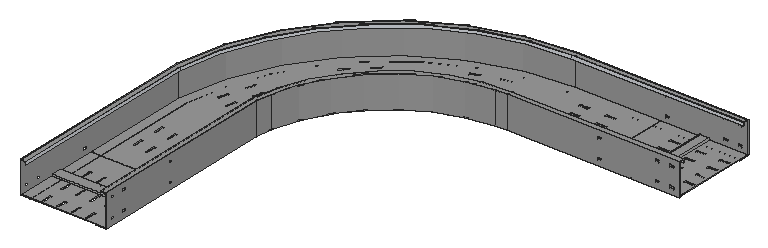
Revit family "Bogen 90- WRB 90130FS", category Generic Models, Revit 2017 (continued)
Automatic sketch dimensions
  plane 1 "Center (Front/Back)" to Extrusion 35 sketch curve = 12.926 mm
  Extrusion 35 sketch curve to Extrusion 35 sketch curve = 4.953 mm
  Extrusion 35 sketch curve to plane 3 "Center (Left/Right)" = 18.91 mm
  Extrusion 35 sketch curve to Extrusion 35 sketch curve = 4.968 mm
  plane 1 "Center (Front/Back)" to Extrusion 35 sketch curve = 48.305 mm
  plane 3 "Center (Left/Right)" to Extrusion 35 sketch curve = 8.17 mm
  Extrusion 35 sketch curve to Extrusion 35 sketch curve = 4.955 mm  (x2)
  plane 3 "Center (Left/Right)" to Extrusion 35 sketch curve = 16.581 mm
  Extrusion 35 sketch curve to Extrusion 35 sketch curve = 4.971 mm
  Extrusion 35 sketch curve to Extrusion 35 sketch curve = 24.129 mm
  Extrusion 35 sketch curve to Extrusion 35 sketch curve = 4.969 mm
  Extrusion 35 sketch curve to Extrusion 35 sketch curve = 21.14 mm
  plane 1 "Center (Front/Back)" to Extrusion 35 sketch curve = 83.687 mm
  Extrusion 35 sketch curve to Extrusion 35 sketch curve = 4.954 mm
  plane 1 "Center (Front/Back)" to Extrusion 35 sketch curve = 2.551 mm
  Extrusion 35 sketch curve to Extrusion 35 sketch curve = 30.438 mm
  plane 1 "Center (Front/Back)" to Extrusion 35 sketch curve = 7.506 mm
  Extrusion 35 sketch curve to Extrusion 35 sketch curve = 30.544 mm
  Extrusion 35 sketch curve to Extrusion 35 sketch curve = 4.974 mm
  Extrusion 35 sketch curve to plane 1 "Center (Front/Back)" = 18.464 mm
  plane 1 "Center (Front/Back)" to Extrusion 35 sketch curve = 37.95 mm
  plane 1 "Center (Front/Back)" to Extrusion 35 sketch curve = 42.906 mm
  plane 1 "Center (Front/Back)" to Extrusion 35 sketch curve = 73.356 mm
  plane 1 "Center (Front/Back)" to Extrusion 35 sketch curve = 78.313 mm
  Extrusion 35 sketch curve to Extrusion 35 sketch curve = 160.757 mm
  Extrusion 35 sketch curve to plane 4 = 125.244 mm
  Extrusion 35 sketch curve to Extrusion 35 sketch curve = 3.193 mm
  Extrusion 35 sketch curve to plane 1 "Center (Front/Back)" = 129.252 mm
  Extrusion 35 sketch curve to Extrusion 35 sketch curve = 19.619 mm
  Extrusion 35 sketch curve to plane 1 "Center (Front/Back)" = 122.981 mm
  Extrusion 35 sketch curve to plane 4 = 107.827 mm
  Extrusion 35 sketch curve to Extrusion 35 sketch curve = 27.04 mm
  Extrusion 35 sketch curve to plane 1 "Center (Front/Back)" = 178.874 mm
  Extrusion 35 sketch curve to Extrusion 35 sketch curve = 3.21 mm
  Extrusion 35 sketch curve to plane 1 "Center (Front/Back)" = 84.445 mm
  Extrusion 35 sketch curve to plane 1 "Center (Front/Back)" = 78.169 mm
  Extrusion 35 sketch curve to plane 1 "Center (Front/Back)" = 39.34 mm
  Extrusion 35 sketch curve to Extrusion 35 sketch curve = 19.785 mm
  Extrusion 35 sketch curve to plane 1 "Center (Front/Back)" = 33.057 mm
  Extrusion 35 sketch curve to Extrusion 35 sketch curve = 3.201 mm
  Extrusion 35 sketch curve to plane 4 = 90.918 mm
  Extrusion 35 sketch curve to Extrusion 35 sketch curve = 53.27 mm
  Extrusion 35 sketch curve to plane 4 = 97.312 mm
  Extrusion 35 sketch curve to Extrusion 35 sketch curve = 3.258 mm
  Extrusion 35 sketch curve to plane 4 = 136.661 mm
  Extrusion 35 sketch curve to plane 4 = 143.08 mm
  Extrusion 35 sketch curve to plane 4 = 83.469 mm
  Extrusion 35 sketch curve to plane 1 "Center (Front/Back)" = 203.065 mm
  Extrusion 35 sketch curve to plane 1 "Center (Front/Back)" = 110.397 mm
  Extrusion 35 sketch curve to plane 1 "Center (Front/Back)" = 103.947 mm
  Extrusion 35 sketch curve to plane 1 "Center (Front/Back)" = 64.056 mm
  Extrusion 35 sketch curve to plane 1 "Center (Front/Back)" = 57.694 mm
  Extrusion 35 sketch curve to plane 1 "Center (Front/Back)" = 69.567 mm
  Extrusion 35 sketch curve to plane 1 "Center (Front/Back)" = 62.957 mm
  Extrusion 35 sketch curve to Extrusion 35 sketch curve = 3.368 mm
  Extrusion 35 sketch curve to Extrusion 35 sketch curve = 14.109 mm
  Extrusion 35 sketch curve to Extrusion 35 sketch curve = 18.33 mm
  Extrusion 35 sketch curve to plane 4 = 68 mm
  Extrusion 35 sketch curve to Extrusion 35 sketch curve = 173.253 mm
  Extrusion 35 sketch curve to Extrusion 35 sketch curve = 1.109 mm  (x17)
  Extrusion 35 sketch curve to Extrusion 35 sketch curve = 7.365 mm
  Extrusion 35 sketch curve to Extrusion 35 sketch curve = 6.256 mm
  Extrusion 35 sketch curve to plane 1 "Center (Front/Back)" = 118 mm
  Extrusion 35 sketch curve to plane 1 "Center (Front/Back)" = 75 mm  (x2)
  Extrusion 35 sketch curve to Extrusion 35 sketch curve = 6.811 mm  (x4)
  Extrusion 35 sketch curve to Extrusion 35 sketch curve = 31.29 mm  (x6)
  Extrusion 35 sketch curve to Extrusion 35 sketch curve = 30.736 mm
  Extrusion 35 sketch curve to plane 4 = 125 mm
  Extrusion 35 sketch curve to Extrusion 35 sketch curve = 57.614 mm
  Extrusion 35 sketch curve to plane 4 = 75 mm
  plane 20 to Extrusion 35 sketch curve = 166.285 mm
  Extrusion 35 sketch curve to Extrusion 35 sketch curve = 14.73 mm
  Extrusion 35 sketch curve to Extrusion 35 sketch curve = 7.109 mm
  Extrusion 35 sketch curve to Extrusion 35 sketch curve = 54.467 mm
  plane 182 to Extrusion 35 sketch curve = 21.5 mm
  Extrusion 46 sketch curve to plane 24 = 6.5 mm
  plane 12 to Extrusion 46 sketch curve = 17.5 mm
  Extrusion 46 sketch curve to Extrusion 46 sketch curve = 15 mm
  Extrusion 46 sketch curve to Extrusion 46 sketch curve = 9 mm
  plane 12 to Extrusion 47 sketch curve = 17.5 mm
  Extrusion 47 sketch curve to Extrusion 47 sketch curve = 15 mm
  level to Extrusion 47 sketch curve = 16.351 mm
  Extrusion 47 sketch curve to Extrusion 47 sketch curve = 9 mm
  Extrusion 48 sketch curve to plane 3 "Center (Left/Right)" = 0 mm
  plane 1 "Center (Front/Back)" to Extrusion 48 sketch curve = 0 mm
  Extrusion 48 sketch curve to plane 4 = 0 mm
  Extrusion 48 sketch curve to plane 12 = 0 mm
  Extrusion 48 sketch curve to Extrusion 48 sketch curve = 17 mm  (x2)
  Extrusion 48 sketch curve to plane 182 = 129.5 mm
  plane 20 to Extrusion 48 sketch curve = 291.177 mm
  plane 3 "Center (Left/Right)" to Extrusion 48 sketch curve = 501.5 mm
  Extrusion 48 sketch curve to Extrusion 48 sketch curve = 0.953 mm
  Extrusion 48 sketch curve to Extrusion 48 sketch curve = 0.985 mm
  Extrusion 48 sketch curve to Extrusion 48 sketch curve = 0.703 mm
  Extrusion 48 sketch curve to Extrusion 48 sketch curve = 9.151 mm
  Extrusion 48 sketch curve to Extrusion 48 sketch curve = 1.882 mm
  Extrusion 48 sketch curve to Extrusion 48 sketch curve = 1.319 mm
  Extrusion 48 sketch curve to Extrusion 48 sketch curve = 0.48 mm
  Extrusion 48 sketch curve to Extrusion 48 sketch curve = 9.562 mm
  Extrusion 48 sketch curve to Extrusion 48 sketch curve = 17.168 mm
  Extrusion 55 sketch curve to Extrusion 55 sketch curve = 15 mm
  Extrusion 55 sketch curve to Extrusion 55 sketch curve = 9 mm
  Extrusion 56 sketch curve to Extrusion 56 sketch curve = 15 mm
  Extrusion 56 sketch curve to Extrusion 56 sketch curve = 9 mm
  Extrusion 57 sketch curve to Extrusion 57 sketch curve = 15 mm
  Extrusion 57 sketch curve to Extrusion 57 sketch curve = 9 mm
  Extrusion 58 sketch curve to Extrusion 58 sketch curve = 15 mm
  Extrusion 58 sketch curve to Extrusion 58 sketch curve = 9 mm
  Extrusion 59 sketch curve to Extrusion 59 sketch curve = 15 mm
  Extrusion 59 sketch curve to Extrusion 59 sketch curve = 9 mm
  Extrusion 60 sketch curve to Extrusion 60 sketch curve = 15 mm
  Extrusion 60 sketch curve to Extrusion 60 sketch curve = 9 mm
